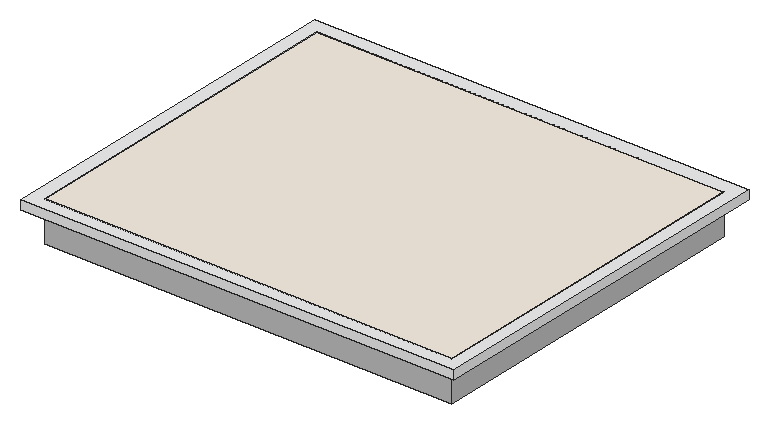
Revit family "Lighting-Industriale-GEWISS-ELIA-HL-LED_RIFLETTORE", category Apparecchi per illuminazione, host Superficie, Revit 2019
Family settings
  Host = Superficie
  Quota connettore circolare = Usa diametro
  Tipo di parte = Normale
  Taglio con vuoti quando caricato = No
  Sorgente d'illuminazione = Sì
  Condiviso = No
  Punto di calcolo locali = Sì
Parameters (values of type "GWF1001QM840 - ELIA HL L2 120° 4000K S.ALONE DALI")
  corpo centrale = corpo centrale
  Wattage = 9.2903 W
  Visibilità etichetta [instance] = yes
  Visibilità simbolo [instance] = yes
  Visibilità lampada in pianta [instance] = yes
  Versione file RFA = "20.0"
  Variazione temperatura colore lampada con luminosità attenuata = (empty or 0)
  URL = "https://www.gewiss.com/it/it"
  UGR: = ""
  Tipologia sorgente luminosa = "LED - Non sostituibile"
  Tipologia = "Sospensione"
  Tipo lampada = "LED"
  Tipo alimentatore = ""
  Tensione = "220-240 V "
  Temperatura di utilizzo = "-30° +50°"
  Temperatura di funzionamento = "-30° +50°"
  Temperatura di colore: = "4000K"
  Temperatura di colore = "4000K"
  built-in parameter 1150107 = 4000 (stored number, unit not read)
  Spostamento_y_ET = 4000 mm - Spostamento_y_effettivo_ET  # 500 mm
  Spostamento_x_effettivo_ET [instance] = 3744.128 mm
  Spostamento_x_effettivo [instance] = 4000 mm - Spostamento_x  # 4000 mm
  Spostamento_x_ET [instance] = 4000 mm - Spostamento_x_effettivo_ET  # 255.872 mm
  Spostamento_x [instance] = 0 mm
  Spostamento_y_effettivo [instance] = 4000 mm - Spostamento_y  # 4000 mm
  Spostamento_y [instance] = 0 mm
  Scheda Tecnica = "https://www.gewiss.com/it/it/search?q=GWF1001QM840"
  SEO = "Sospensione"
  SCHERMO LED = SCHERMO LED
  Resistenza agli urti = "IK08"
  Potenza di sistema = "200W"
  Peso (kg): = "4,3"
  Peso (kg) = "4,3"
  built-in parameter 1150110 = 1 (stored number, unit not read)
  built-in parameter 1150109 = 1 (stored number, unit not read)
  built-in parameter 1114218 = 1 (stored number, unit not read)
  built-in parameter 1150112 = 1 (stored number, unit not read)
  POSIZIONE = 80000  # constant formula
  Ottica = "120°"
  built-in parameter 1150142 = "IESNA:LM-63-1995\r\n[TEST] HB25-120-4080-120D-H00115\r\n[DATE] 27 Nov 2019\r\n[MANUFAC] GEWISS\r\n[LUMCAT] GWF1001QM840\r\n[LUMINAIRE] ELIA HL - L2 120° LED840 200W - DALI\r\n[FLASHAREA] 0.013851\r\n[LAMPCAT] LED 200W/28000lm\r\n[LAMP] LED 200W/28000lm\r\nTILT=NONE\r\n1 28000.00 1.0 181 37 1 2 -0.270 0.000 0.000\r\n1.00 1.00 200.00\r\n0.00 0.50 1.00 1.50 2.00 2.50 3.00 3.50 4.00 4.50 5.00 \r\n5.50 6.00 6.50 7.00 7.50 8.00 8.50 9.00 9.50 10.00 10.50 \r\n11.00 11.50 12.00 12.50 13.00 13.50 14.00 14.50 15.00 \r\n15.50 16.00 16.50 17.00 17.50 18.00 18.50 19.00 19.50 \r\n20.00 20.50 21.00 21.50 22.00 22.50 23.00 23.50 24.00 \r\n24.50 25.00 25.50 26.00 26.50 27.00 27.50 28.00 28.50 \r\n29.00 29.50 30.00 30.50 31.00 31.50 32.00 32.50 33.00 \r\n33.50 34.00 34.50 35.00 35.50 36.00 36.50 37.00 37.50 \r\n38.00 38.50 39.00 39.50 40.00 40.50 41.00 41.50 42.00 \r\n42.50 43.00 43.50 44.00 44.50 45.00 45.50 46.00 46.50 \r\n47.00 47.50 48.00 48.50 49.00 49.50 50.00 50.50 51.00 \r\n51.50 52.00 52.50 53.00 53.50 54.00 54.50 55.00 55.50 \r\n56.00 56.50 57.00 57.50 58.00 58.50 59.00 59.50 60.00 \r\n60.50 61.00 61.50 62.00 62.50 63.00 63.50 64.00 64.50 \r\n65.00 65.50 66.00 66.50 67.00 67.50 68.00 68.50 69.00 \r\n69.50 70.00 70.50 71.00 71.50 72.00 72.50 73.00 73.50 \r\n74.00 74.50 75.00 75.50 76.00 76.50 77.00 77.50 78.00 \r\n78.50 79.00 79.50 80.00 80.50 81.00 81.50 82.00 82.50 \r\n83.00 83.50 84.00 84.50 85.00 85.50 86.00 86.50 87.00 \r\n87.50 88.00 88.50 89.00 89.50 90.00 \r\n0.00 2.50 5.00 7.50 10.00 12.50 15.00 17.50 20.00 22.50 \r\n25.00 27.50 30.00 32.50 35.00 37.50 40.00 42.50 45.00 \r\n47.50 50.00 52.50 55.00 57.50 60.00 62.50 65.00 67.50 \r\n70.00 72.50 75.00 77.50 80.00 82.50 85.00 87.50 90.00 \r\n8142.40 8142.40 8145.20 8145.20 8148.00 8148.00 8150.80 \r\n8153.60 8159.20 8162.00 8164.80 8170.40 8176.00 8178.80 \r\n8184.40 8190.00 8198.40 8204.00 8209.60 8218.00 8223.60 \r\n8232.00 8237.60 8246.00 8251.60 8260.00 8268.40 8274.00 \r\n8279.60 8288.00 8293.60 8302.00 8310.40 8318.80 8327.20 \r\n8338.40 8346.80 8358.00 8366.40 8377.60 8388.80 8397.20 \r\n8408.40 8419.60 8430.80 8442.00 8453.20 8464.40 8475.60 \r\n8486.80 8498.00 8509.20 8520.40 8528.80 8540.00 8551.20 \r\n8559.60 8568.00 8576.40 8584.80 8590.40 8596.00 8601.60 \r\n8607.20 8610.00 8612.80 8615.60 8615.60 8615.60 8615.60 \r\n8612.80 8607.20 8601.60 8593.20 8584.80 8573.60 8562.40 \r\n8545.60 8528.80 8512.00 8489.60 8467.20 8442.00 8416.80 \r\n8388.80 8358.00 8327.20 8293.60 8257.20 8220.80 8178.80 \r\n8136.80 8086.40 8030.40 7968.80 7898.80 7817.60 7728.00 \r\n7630.00 7520.80 7406.00 7291.20 7176.40 7061.60 6941.20 \r\n6809.60 6664.00 6498.80 6325.20 6143.20 5958.40 5770.80 \r\n5583.20 5401.20 5222.00 5048.40 4877.60 4706.80 4538.80 \r\n4376.40 4216.80 4057.20 3900.40 3749.20 3600.80 3452.40 \r\n3309.60 3172.40 3038.00 2906.40 2779.00 2653.00 2530.64 \r\n2414.16 2301.04 2187.08 2076.48 1973.44 1874.32 1776.04 \r\n1679.16 1582.28 1487.64 1396.36 1309.56 1229.76 1154.44 \r\n1081.08 1010.80 945.28 882.84 823.20 766.36 712.04 659.96 \r\n611.24 564.20 517.16 472.08 430.08 390.04 351.12 314.72 \r\n282.24 252.39 223.08 195.36 169.82 145.99 123.68 102.84 \r\n83.24 65.60 50.76 38.11 27.21 18.58 12.77 9.31 7.90 8.64 \r\n8142.40 8142.40 8145.20 8145.20 8148.00 8148.00 8150.80 \r\n8153.60 8159.20 8162.00 8164.80 8170.40 8176.00 8178.80 \r\n8184.40 8190.00 8195.60 8204.00 8209.60 8216.60 8223.60 \r\n8232.00 8239.00 8246.00 8253.00 8260.00 8267.00 8274.00 \r\n8281.00 8288.00 8295.00 8302.00 8310.40 8318.80 8327.20 \r\n8338.40 8346.80 8358.00 8366.40 8377.60 8388.80 8400.00 \r\n8411.20 8421.00 8430.80 8442.00 8453.20 8464.40 8475.60 \r\n8486.80 8498.00 8509.20 8520.40 8530.20 8541.40 8551.20 \r\n8561.00 8569.40 8577.80 8586.20 8591.80 8598.80 8604.40 \r\n8608.60 8612.80 8615.60 8617.00 8618.40 8617.00 8617.00 \r\n8614.20 8610.00 8604.40 8596.00 8586.20 8576.40 8563.80 \r\n8548.40 8531.60 8513.40 8493.80 8471.40 8447.60 8419.60 \r\n8391.60 8363.60 8332.80 8299.20 8262.80 8223.60 8184.40 \r\n8139.60 8090.60 8034.60 7973.00 7901.60 7823.20 7735.00 \r\n7637.00 7527.80 7414.40 7299.60 7182.00 7067.20 6945.40 \r\n6813.80 6669.60 6505.80 6329.40 6147.40 5962.60 5775.00 \r\n5587.40 5405.40 5227.60 5052.60 4881.80 4711.00 4544.40 \r\n4380.60 4221.00 4062.80 3907.40 3753.40 3603.60 3458.00 \r\n3315.20 3176.60 3039.40 2907.80 2780.68 2654.96 2532.74 \r\n2416.54 2303.14 2189.32 2078.72 1975.26 1875.16 1776.60 \r\n1679.02 1582.14 1487.22 1395.80 1308.86 1228.64 1152.76 \r\n1079.54 1009.68 944.30 882.42 822.92 766.08 712.04 660.38 \r\n611.38 564.20 517.30 472.22 429.94 389.90 350.84 314.44 \r\n281.96 251.86 222.77 195.30 169.69 145.80 123.52 102.77 \r\n83.23 65.65 50.82 38.19 27.29 18.65 12.89 9.47 8.02 8.67 \r\n8142.40 8142.40 8143.80 8145.20 8148.00 8148.00 8150.80 \r\n8153.60 8157.80 8162.00 8164.80 8170.40 8174.60 8178.80 \r\n8184.40 8190.00 8195.60 8204.00 8209.60 8216.60 8223.60 \r\n8230.60 8239.00 8246.00 8253.00 8261.40 8267.00 8275.40 \r\n8281.00 8289.40 8295.00 8303.40 8311.80 8318.80 8328.60 \r\n8338.40 8349.60 8358.00 8369.20 8377.60 8388.80 8400.00 \r\n8411.20 8422.40 8433.60 8444.80 8456.00 8467.20 8477.00 \r\n8488.20 8499.40 8510.60 8521.80 8531.60 8541.40 8552.60 \r\n8561.00 8570.80 8579.20 8587.60 8593.20 8601.60 8605.80 \r\n8610.00 8614.20 8617.00 8619.80 8619.80 8619.80 8618.40 \r\n8615.60 8611.40 8605.80 8598.80 8589.00 8579.20 8566.60 \r\n8551.20 8535.80 8516.20 8496.60 8474.20 8450.40 8423.80 \r\n8395.80 8366.40 8335.60 8302.00 8265.60 8229.20 8187.20 \r\n8143.80 8093.40 8037.40 7974.40 7904.40 7827.40 7740.60 \r\n7644.00 7534.80 7421.40 7305.20 7187.60 7072.80 6949.60 \r\n6818.00 6672.40 6510.00 6333.60 6151.60 5965.40 5777.80 \r\n5591.60 5409.60 5230.40 5055.40 4884.60 4713.80 4548.60 \r\n4384.80 4226.60 4067.00 3911.60 3757.60 3607.80 3462.20 \r\n3319.40 3179.40 3042.20 2909.20 2781.52 2655.80 2534.14 \r\n2417.94 2304.54 2190.72 2079.84 1975.82 1875.30 1776.18 \r\n1678.46 1581.16 1486.24 1394.68 1307.60 1226.82 1150.66 \r\n1077.44 1008.00 943.04 881.58 822.22 765.66 711.76 660.24 \r\n611.24 563.92 517.02 471.94 429.52 389.48 350.42 313.88 \r\n281.40 251.17 222.29 195.03 169.41 145.45 123.24 102.59 \r\n83.15 65.62 50.83 38.22 27.33 18.73 13.01 9.61 8.13 8.69 \r\n8142.40 8142.40 8142.40 8145.20 8146.60 8148.00 8150.80 \r\n8153.60 8157.80 8160.60 8164.80 8169.00 8174.60 8178.80 \r\n8184.40 8190.00 8195.60 8202.60 8209.60 8216.60 8223.60 \r\n8230.60 8239.00 8246.00 8253.00 8260.00 8268.40 8274.00 \r\n8282.40 8289.40 8296.40 8303.40 8311.80 8320.20 8330.00 \r\n8338.40 8349.60 8358.00 8369.20 8380.40 8390.20 8401.40 \r\n8411.20 8422.40 8433.60 8444.80 8456.00 8467.20 8478.40 \r\n8488.20 8499.40 8510.60 8521.80 8531.60 8542.80 8554.00 \r\n8562.40 8572.20 8580.60 8589.00 8596.00 8603.00 8608.60 \r\n8612.80 8617.00 8619.80 8621.20 8622.60 8622.60 8621.20 \r\n8618.40 8614.20 8608.60 8601.60 8591.80 8582.00 8568.00 \r\n8554.00 8537.20 8519.00 8499.40 8477.00 8453.20 8426.60 \r\n8398.60 8370.60 8339.80 8304.80 8268.40 8232.00 8190.00 \r\n8146.60 8097.60 8040.20 7977.20 7908.60 7831.60 7744.80 \r\n7648.20 7540.40 7427.00 7310.80 7193.20 7075.60 6952.40 \r\n6820.80 6676.60 6511.40 6336.40 6154.40 5966.80 5780.60 \r\n5593.00 5411.00 5231.80 5056.80 4886.00 4718.00 4552.80 \r\n4389.00 4229.40 4071.20 3914.40 3761.80 3609.20 3463.60 \r\n3320.80 3180.80 3043.60 2910.60 2781.52 2656.08 2534.70 \r\n2418.50 2305.10 2191.14 2080.40 1975.82 1874.74 1775.06 \r\n1677.06 1579.62 1484.70 1393.14 1305.92 1224.86 1148.14 \r\n1075.20 1006.18 941.50 880.32 821.24 764.68 710.92 659.82 \r\n610.68 563.22 516.46 471.38 429.10 388.92 349.86 313.32 \r\n280.64 250.40 221.68 194.61 168.98 144.98 122.85 102.33 \r\n82.98 65.52 50.78 38.19 27.35 18.79 13.12 9.74 8.23 8.71 \r\n8142.40 8142.40 8142.40 8145.20 8146.60 8148.00 8150.80 \r\n8153.60 8157.80 8160.60 8164.80 8169.00 8174.60 8178.80 \r\n8184.40 8190.00 8195.60 8202.60 8209.60 8216.60 8225.00 \r\n8230.60 8239.00 8246.00 8254.40 8260.00 8268.40 8274.00 \r\n8282.40 8290.80 8296.40 8304.80 8311.80 8320.20 8330.00 \r\n8339.80 8349.60 8360.80 8369.20 8380.40 8390.20 8401.40 \r\n8412.60 8423.80 8435.00 8446.20 8456.00 8467.20 8478.40 \r\n8489.60 8500.80 8512.00 8523.20 8534.40 8544.20 8555.40 \r\n8563.80 8575.00 8583.40 8590.40 8597.40 8604.40 8610.00 \r\n8615.60 8618.40 8621.20 8624.00 8624.00 8624.00 8624.00 \r\n8621.20 8617.00 8611.40 8604.40 8594.60 8583.40 8570.80 \r\n8555.40 8538.60 8521.80 8500.80 8479.80 8456.00 8430.80 \r\n8402.80 8373.40 8342.60 8309.00 8272.60 8234.80 8194.20 \r\n8149.40 8099.00 8043.00 7980.00 7911.40 7834.40 7749.00 \r\n7652.40 7546.00 7432.60 7315.00 7197.40 7077.00 6953.80 \r\n6820.80 6676.60 6514.20 6339.20 6155.80 5968.20 5780.60 \r\n5594.40 5411.00 5233.20 5058.20 4887.40 4719.40 4555.60 \r\n4391.80 4232.20 4072.60 3917.20 3761.80 3612.00 3465.00 \r\n3322.20 3182.20 3045.00 2910.60 2781.10 2655.66 2534.70 \r\n2418.36 2304.82 2191.00 2079.84 1975.12 1873.62 1773.38 \r\n1675.24 1577.80 1482.88 1391.32 1303.96 1222.48 1145.62 \r\n1072.82 1003.94 939.68 878.78 819.84 763.56 710.08 658.98 \r\n609.98 562.38 515.62 470.54 428.40 388.22 349.16 312.48 \r\n279.78 249.56 220.96 194.04 168.43 144.45 122.40 101.96 \r\n82.74 65.41 50.68 38.12 27.34 18.85 13.23 9.87 8.31 8.72 \r\n8142.40 8142.40 8142.40 8145.20 8146.60 8148.00 8150.80 \r\n8155.00 8157.80 8160.60 8164.80 8169.00 8174.60 8178.80 \r\n8184.40 8190.00 8195.60 8201.20 8209.60 8216.60 8225.00 \r\n8230.60 8239.00 8246.00 8254.40 8261.40 8268.40 8275.40 \r\n8282.40 8290.80 8297.80 8304.80 8313.20 8323.00 8331.40 \r\n8341.20 8351.00 8360.80 8372.00 8381.80 8393.00 8402.80 \r\n8412.60 8423.80 8435.00 8446.20 8457.40 8468.60 8479.80 \r\n8491.00 8502.20 8512.00 8524.60 8535.80 8545.60 8555.40 \r\n8566.60 8575.00 8584.80 8593.20 8598.80 8607.20 8612.80 \r\n8617.00 8621.20 8625.40 8625.40 8628.20 8628.20 8625.40 \r\n8622.60 8619.80 8614.20 8605.80 8597.40 8586.20 8573.60 \r\n8558.20 8542.80 8523.20 8503.60 8482.60 8458.80 8432.20 \r\n8404.20 8376.20 8345.40 8310.40 8274.00 8237.60 8197.00 \r\n8150.80 8101.80 8044.40 7981.40 7914.20 7837.20 7751.80 \r\n7655.20 7550.20 7436.80 7319.20 7198.80 7079.80 6955.20 \r\n6822.20 6676.60 6514.20 6339.20 6155.80 5968.20 5780.60 \r\n5594.40 5412.40 5233.20 5058.20 4887.40 4720.80 4558.40 \r\n4394.60 4232.20 4074.00 3920.00 3764.60 3612.00 3466.40 \r\n3325.00 3183.60 3045.00 2910.60 2780.26 2654.96 2534.14 \r\n2417.94 2304.12 2190.16 2079.00 1973.72 1871.80 1771.56 \r\n1673.00 1575.56 1480.64 1389.22 1301.72 1219.96 1142.96 \r\n1070.30 1001.70 937.72 877.10 818.30 762.16 708.96 658.00 \r\n608.72 561.12 514.64 469.70 427.56 387.38 348.32 311.64 \r\n278.89 248.70 220.19 193.38 167.80 143.85 121.88 101.56 \r\n82.46 65.25 50.55 38.01 27.31 18.90 13.33 9.98 8.39 8.72 \r\n8142.40 8142.40 8142.40 8145.20 8146.60 8148.00 8150.80 \r\n8155.00 8157.80 8160.60 8163.40 8169.00 8174.60 8178.80 \r\n8184.40 8190.00 8195.60 8201.20 8209.60 8216.60 8223.60 \r\n8230.60 8239.00 8246.00 8254.40 8261.40 8268.40 8275.40 \r\n8283.80 8290.80 8299.20 8306.20 8314.60 8323.00 8332.80 \r\n8341.20 8352.40 8362.20 8372.00 8383.20 8393.00 8404.20 \r\n8415.40 8426.60 8437.80 8447.60 8458.80 8470.00 8481.20 \r\n8491.00 8502.20 8514.80 8524.60 8535.80 8547.00 8558.20 \r\n8568.00 8576.40 8586.20 8594.60 8601.60 8608.60 8614.20 \r\n8619.80 8622.60 8626.80 8628.20 8631.00 8629.60 8628.20 \r\n8625.40 8621.20 8615.60 8608.60 8600.20 8589.00 8576.40 \r\n8561.00 8545.60 8526.00 8506.40 8485.40 8461.60 8435.00 \r\n8408.40 8379.00 8346.80 8313.20 8276.80 8239.00 8198.40 \r\n8155.00 8103.20 8045.80 7982.80 7915.60 7840.00 7754.60 \r\n7659.40 7553.00 7438.20 7322.00 7201.60 7079.80 6955.20 \r\n6822.20 6676.60 6514.20 6339.20 6155.80 5966.80 5780.60 \r\n5593.00 5411.00 5233.20 5058.20 4887.40 4722.20 4559.80 \r\n4396.00 4233.60 4076.80 3920.00 3764.60 3613.40 3467.80 \r\n3325.00 3183.60 3045.00 2910.60 2779.00 2653.98 2533.30 \r\n2416.96 2302.86 2188.90 2077.60 1972.04 1869.84 1769.32 \r\n1670.62 1573.18 1478.40 1386.98 1299.48 1217.58 1140.16 \r\n1067.64 999.46 935.62 875.28 816.62 760.62 707.56 656.88 \r\n607.46 559.86 513.38 468.86 426.72 386.54 347.48 310.80 \r\n278.03 247.81 219.41 192.68 167.15 143.23 121.34 101.12 \r\n82.17 65.07 50.41 37.88 27.28 18.96 13.43 10.09 8.47 8.71 \r\n8142.40 8142.40 8142.40 8145.20 8146.60 8148.00 8150.80 \r\n8155.00 8157.80 8160.60 8163.40 8169.00 8174.60 8177.40 \r\n8183.00 8190.00 8195.60 8201.20 8209.60 8216.60 8223.60 \r\n8232.00 8239.00 8246.00 8254.40 8261.40 8269.80 8275.40 \r\n8283.80 8292.20 8299.20 8307.60 8314.60 8324.40 8332.80 \r\n8344.00 8352.40 8363.60 8373.40 8384.60 8394.40 8405.60 \r\n8415.40 8426.60 8437.80 8449.00 8460.20 8470.00 8481.20 \r\n8493.80 8503.60 8514.80 8527.40 8538.60 8548.40 8559.60 \r\n8568.00 8579.20 8587.60 8596.00 8604.40 8611.40 8617.00 \r\n8622.60 8626.80 8629.60 8632.40 8632.40 8632.40 8631.00 \r\n8628.20 8624.00 8618.40 8611.40 8601.60 8590.40 8579.20 \r\n8562.40 8547.00 8527.40 8509.20 8486.80 8464.40 8439.20 \r\n8411.20 8381.80 8351.00 8316.00 8279.60 8241.80 8199.80 \r\n8156.40 8104.60 8047.20 7984.20 7915.60 7841.40 7756.00 \r\n7660.80 7555.80 7442.40 7324.80 7203.00 7081.20 6955.20 \r\n6820.80 6675.20 6512.80 6337.80 6154.40 5965.40 5779.20 \r\n5591.60 5411.00 5231.80 5056.80 4887.40 4722.20 4559.80 \r\n4396.00 4233.60 4076.80 3921.40 3766.00 3613.40 3467.80 \r\n3325.00 3183.60 3045.00 2909.20 2777.74 2652.72 2532.32 \r\n2415.56 2301.18 2187.22 2075.92 1970.22 1867.74 1767.08 \r\n1668.24 1570.80 1476.16 1384.74 1297.38 1215.20 1137.64 \r\n1065.12 997.08 933.66 873.32 814.94 758.94 706.16 655.62 \r\n606.20 558.46 512.12 467.88 425.88 385.56 346.64 309.96 \r\n277.16 246.99 218.61 191.94 166.47 142.63 120.82 100.69 \r\n81.87 64.90 50.25 37.74 27.23 19.01 13.53 10.20 8.54 8.71 \r\n8142.40 8142.40 8142.40 8145.20 8146.60 8148.00 8150.80 \r\n8155.00 8157.80 8160.60 8163.40 8169.00 8173.20 8177.40 \r\n8183.00 8188.60 8195.60 8201.20 8209.60 8216.60 8223.60 \r\n8232.00 8240.40 8247.40 8255.80 8261.40 8269.80 8276.80 \r\n8283.80 8292.20 8300.60 8307.60 8316.00 8325.80 8335.60 \r\n8344.00 8353.80 8365.00 8376.20 8386.00 8395.80 8405.60 \r\n8416.80 8428.00 8439.20 8450.40 8461.60 8472.80 8484.00 \r\n8493.80 8505.00 8516.20 8527.40 8538.60 8549.80 8559.60 \r\n8570.80 8580.60 8590.40 8598.80 8605.80 8614.20 8619.80 \r\n8624.00 8628.20 8632.40 8635.20 8635.20 8635.20 8633.80 \r\n8631.00 8626.80 8621.20 8612.80 8604.40 8593.20 8580.60 \r\n8565.20 8549.80 8530.20 8512.00 8489.60 8467.20 8440.60 \r\n8412.60 8383.20 8351.00 8316.00 8281.00 8241.80 8202.60 \r\n8156.40 8106.00 8048.60 7984.20 7917.00 7842.80 7757.40 \r\n7662.20 7557.20 7445.20 7326.20 7204.40 7081.20 6953.80 \r\n6819.40 6673.80 6511.40 6336.40 6153.00 5964.00 5776.40 \r\n5590.20 5409.60 5229.00 5055.40 4884.60 4720.80 4561.20 \r\n4397.40 4233.60 4075.40 3921.40 3766.00 3613.40 3467.80 \r\n3326.40 3183.60 3045.00 2909.20 2776.48 2651.46 2531.20 \r\n2414.16 2299.50 2185.40 2074.10 1968.40 1865.64 1764.70 \r\n1665.86 1568.56 1473.92 1382.64 1295.28 1212.82 1135.26 \r\n1062.74 994.98 931.70 871.50 813.26 757.40 704.76 654.22 \r\n604.94 557.06 511.14 466.90 424.90 384.72 345.80 309.12 \r\n276.37 246.22 217.85 191.23 165.83 142.06 120.30 100.25 \r\n81.58 64.72 50.09 37.59 27.18 19.07 13.63 10.30 8.60 8.70 \r\n8142.40 8142.40 8142.40 8145.20 8146.60 8148.00 8150.80 \r\n8153.60 8156.40 8160.60 8163.40 8169.00 8173.20 8177.40 \r\n8183.00 8188.60 8195.60 8201.20 8209.60 8216.60 8223.60 \r\n8232.00 8240.40 8247.40 8255.80 8261.40 8269.80 8278.20 \r\n8285.20 8292.20 8300.60 8310.40 8317.40 8325.80 8335.60 \r\n8345.40 8356.60 8365.00 8376.20 8387.40 8397.20 8408.40 \r\n8418.20 8428.00 8440.60 8451.80 8463.00 8472.80 8484.00 \r\n8495.20 8506.40 8517.60 8530.20 8540.00 8551.20 8562.40 \r\n8573.60 8582.00 8591.80 8600.20 8608.60 8615.60 8622.60 \r\n8626.80 8631.00 8635.20 8636.60 8638.00 8638.00 8635.20 \r\n8632.40 8629.60 8624.00 8615.60 8607.20 8596.00 8582.00 \r\n8568.00 8551.20 8533.00 8512.00 8492.40 8468.60 8442.00 \r\n8415.40 8384.60 8353.80 8318.80 8281.00 8244.60 8204.00 \r\n8157.80 8106.00 8048.60 7985.60 7918.40 7844.20 7758.80 \r\n7665.00 7560.00 7445.20 7326.20 7204.40 7081.20 6953.80 \r\n6818.00 6671.00 6507.20 6333.60 6150.20 5962.60 5775.00 \r\n5588.80 5406.80 5229.00 5054.00 4883.20 4720.80 4561.20 \r\n4397.40 4233.60 4076.80 3921.40 3766.00 3614.80 3469.20 \r\n3326.40 3183.60 3045.00 2907.80 2775.36 2650.48 2530.08 \r\n2412.48 2297.68 2183.44 2072.42 1966.44 1863.82 1762.60 \r\n1663.76 1566.46 1471.96 1380.82 1293.46 1210.86 1133.1
